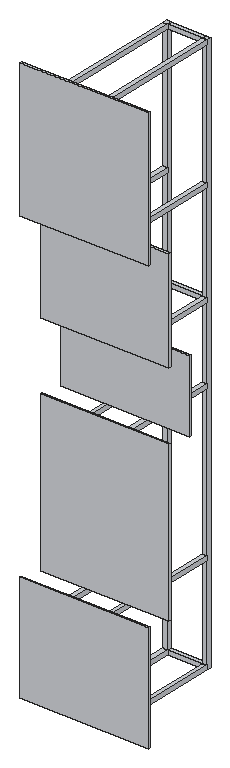
Revit family "Bukva BUKL035C -LivingDivani", category Furniture, Revit 2013
Parameters (values of type "BUKL035C")
  URL = "http://www.livingdivani.it"
  Model = "Bukva"
  Mat. Struttura = Steel, Polished
  Manufacturer = "Living Divani"
  Description = ""
  Codice prodotto = "BUKL035C"
Reference planes (cm)
  plane 1: z = 0
  plane 2 "Centro (Sinistra/Destra)": x = 0
  plane 3 "35": y = 73
  plane 4: z = 28
  plane 5: z = 70
  plane 6 "sx": x = -6
  plane 7 "dx": x = 6
  plane 8 "21": y = 87
  plane 9: y = 108
  plane 10: z = 91
  plane 11: z = 119
  plane 12: z = 154
  plane 13: y = 80
Forms (cm)
  Extrusion 1, solid, material "Linen, White", not visible
    sketch origin (0, 0, 0) x (1, 0, 0) y (0, 0, 1)
      loop
        line (-85, 18) -> (-85, 29.1823)
        arc (-85, 29.1823) -> (-80.169, 48.2596) -> (-84.4597, 67.4656) r 42.4528
        arc (-84.4597, 67.4656) -> (-85.5057, 68.8949) -> (-86.9843, 69.8699) r 5
        arc (-86.9843, 69.8699) -> (-93.3299, 70.9774) -> (-99.4999, 69.1268) r 14.0026
        arc (-99.4999, 69.1268) -> (-99.866, 68.7608) -> (-100, 68.2607) r 1
        line (-100, 68.2607) -> (-100, 18) -> (-85, 18)
    from -55 to 28.969
  Extrusion 2, void, not visible
    sketch origin (0, 0, 0) x (1, 0, 0) y (0, 1, 0)
      loop
        line (-78.5519, 33.5519) -> (-78.5519, 56.4969) -> (-100, 56.4969) -> (-100, 55) -> (-78.5519, 33.5519)
    from 0 to 88.2421
  Extrusion 3, solid, material "Linen, White", not visible
    sketch origin (0, 0, 0) x (-1, 0, 0) y (0, 0, -1)
      loop
        line (-85, -18) -> (-100, -18) -> (-100, -68.2607)
        arc (-100, -68.2607) -> (-99.866, -68.7608) -> (-99.4999, -69.1268) r 1
        arc (-99.4999, -69.1268) -> (-93.3299, -70.9774) -> (-86.9843, -69.8699) r 14.0026
        arc (-86.9843, -69.8699) -> (-85.5057, -68.8949) -> (-84.4597, -67.4656) r 5
        arc (-84.4597, -67.4656) -> (-80.169, -48.2596) -> (-85, -29.1823) r 42.4528
        line (-85, -29.1823) -> (-85, -18)
    from -55 to 28.969
  Extrusion 4, void, not visible
    sketch origin (0, 0, 0) x (-1, 0, 0) y (0, -1, 0)
      loop
        line (-78.5519, -33.5519) -> (-100, -55) -> (-100, -56.4969) -> (-78.5519, -56.4969) -> (-78.5519, -33.5519)
    from 0 to 88.2421
  Extrusion 5, solid, material "Steel, Polished" <- "Mat. Struttura", not visible
    sketch origin (-45, 0, 0) x (0, 1, 0) y (0, 0, 1)
      loop
        line (-3.5, 81.1034) -> (-46, 81.1034) -> (-46, 77.1034) -> (-1, 68.1034) -> (-1, 78.6034)
        arc (-1, 78.6034) -> (-1.7322, 80.3712) -> (-3.5, 81.1034) r 2.5
    from 0 to 1
  Extrusion 6, solid, material "Steel, Polished" <- "Mat. Struttura", not visible
    sketch origin (45, 0, 0) x (0, 1, 0) y (0, 0, -1)
      loop
        arc (-3.5, -81.1034) -> (-1.7322, -80.3712) -> (-1, -78.6034) r 2.5
        line (-1, -78.6034) -> (-1, -68.1034) -> (-46, -77.1034) -> (-46, -81.1034) -> (-3.5, -81.1034)
    from 0 to 1
  Extrusion 7, solid, material "Steel, Polished" <- "Mat. Struttura", not visible
    sketch origin (0, 0, 0) x (0, 1, 0) y (0, 0, 1)
      loop
        line (-1, 68.1034) -> (-1, 78.6034)
        arc (-1, 78.6034) -> (-1.7322, 80.3712) -> (-3.5, 81.1034) r 2.5
        line (-3.5, 81.1034) -> (-46, 81.1034) -> (-46, 77.1034) -> (-45.5, 77.0034) -> (-45.5, 80.6034) -> (-3.5, 80.6034)
        arc (-3.5, 80.6034) -> (-2.0858, 80.0176) -> (-1.5, 78.6034) r 2
        line (-1.5, 78.6034) -> (-1.5, 68.2034) -> (-1, 68.1034)
    from -44 to 44
  Extrusion 8, solid, material "Steel, Polished" <- "Mat. Struttura", not visible
    sketch origin (0, 78.6034, 81.6034) x (0, 0, 1) y (0, -1, 0)
      loop
        line (-13.4, 80.1034) -> (-12.9, 80.1034) -> (-8.9777, 99.715) -> (-9.4777, 99.715) -> (-13.4, 80.1034)
    from -44 to 44
  Extrusion 9, solid, material "Steel, Polished" <- "Mat. Struttura", not visible
    sketch origin (0, 78.6034, 84.6034) x (0, 0, 1) y (0, -1, 0)
      loop
        line (-13.4, 80.1034) -> (-12.9, 80.1034) -> (-7.8875, 105.1661) -> (-8.3875, 105.1661) -> (-13.4, 80.1034)
    from -44 to 44
  Extrusion 10, solid, material "Steel, Polished" <- "Mat. Struttura", not visible
    sketch origin (-45, 0, 0) x (0, 1, 0) y (0, 0, 1)
      loop
        line (-3.5, 81.1034) -> (-46, 81.1034) -> (-46, 77.1034) -> (-1, 68.1034) -> (-1, 78.6034)
        arc (-1, 78.6034) -> (-1.7322, 80.3712) -> (-3.5, 81.1034) r 2.5
    from 0 to 1
  Extrusion 11, solid, material "Steel, Polished" <- "Mat. Struttura", not visible
    sketch origin (45, 0, 0) x (0, 1, 0) y (0, 0, -1)
      loop
        arc (-3.5, -81.1034) -> (-1.7322, -80.3712) -> (-1, -78.6034) r 2.5
        line (-1, -78.6034) -> (-1, -68.1034) -> (-46, -77.1034) -> (-46, -81.1034) -> (-3.5, -81.1034)
    from 0 to 1
  Extrusion 12, solid, material "Steel, Polished" <- "Mat. Struttura", not visible
    sketch origin (0, 0, 0) x (0, 1, 0) y (0, 0, 1)
      loop
        line (-1, 68.1034) -> (-1, 78.6034)
        arc (-1, 78.6034) -> (-1.7322, 80.3712) -> (-3.5, 81.1034) r 2.5
        line (-3.5, 81.1034) -> (-46, 81.1034) -> (-46, 77.1034) -> (-45.5, 77.0034) -> (-45.5, 80.6034) -> (-3.5, 80.6034)
        arc (-3.5, 80.6034) -> (-2.0858, 80.0176) -> (-1.5, 78.6034) r 2
        line (-1.5, 78.6034) -> (-1.5, 68.2034) -> (-1, 68.1034)
    from -44 to 44
  Extrusion 13, solid, material "Steel, Polished" <- "Mat. Struttura", not visible
    sketch origin (0, 78.6034, 81.6034) x (0, 0, 1) y (0, -1, 0)
      loop
        line (-13.4, 80.1034) -> (-12.9, 80.1034) -> (-8.9777, 99.715) -> (-9.4777, 99.715) -> (-13.4, 80.1034)
    from -44 to 44
  Extrusion 14, solid, material "Steel, Polished" <- "Mat. Struttura", not visible
    sketch origin (0, 78.6034, 84.6034) x (0, 0, 1) y (0, -1, 0)
      loop
        line (-13.4, 80.1034) -> (-12.9, 80.1034) -> (-7.8875, 105.1661) -> (-8.3875, 105.1661) -> (-13.4, 80.1034)
    from -44 to 44
  Extrusion 15, solid
    sketch origin (0, 0, 0) x (1, 0, 0) y (0, 1, 0)
      loop
        line (-6, 108) -> (-6, 106.8) -> (-4.8, 106.8) -> (-4.8, 108) -> (-6, 108)
      loop
        line (6, 108) -> (4.8, 108) -> (4.8, 106.8) -> (6, 106.8) -> (6, 108)
    from 0 to 154
  Extrusion 16, solid
    sketch origin (-6, 0, 0) x (0, 1, 0) y (0, 0, 1)
      loop
        line (106.8, 154) -> (73, 154) -> (73, 152.8) -> (106.8, 152.8) -> (106.8, 154)
    from 0 to 1.2
  Extrusion 17, solid
    sketch origin (-6, 0, -35) x (0, 1, 0) y (0, 0, 1)
      loop
        line (106.8, 154) -> (73, 154) -> (73, 152.8) -> (106.8, 152.8) -> (106.8, 154)
    from 0 to 1.2
  Extrusion 18, solid
    sketch origin (-6, 0, -84) x (0, 1, 0) y (0, 0, 1)
      loop
        line (106.8, 154) -> (80, 154) -> (80, 152.8) -> (106.8, 152.8) -> (106.8, 154)
    from 0 to 1.2
  Extrusion 19, solid
    sketch origin (6, 0, 0) x (0, 1, 0) y (0, 0, -1)
      loop
        line (106.8, -154) -> (106.8, -152.8) -> (73, -152.8) -> (73, -154) -> (106.8, -154)
    from 0 to 1.2
  Extrusion 20, solid
    sketch origin (6, 0, -35) x (0, 1, 0) y (0, 0, -1)
      loop
        line (106.8, -154) -> (106.8, -152.8) -> (73, -152.8) -> (73, -154) -> (106.8, -154)
    from 0 to 1.2
  Extrusion 21, solid
    sketch origin (6, 0, -63) x (0, 1, 0) y (0, 0, -1)
      loop
        line (106.8, -154) -> (106.8, -152.8) -> (80, -152.8) -> (80, -154) -> (106.8, -154)
    from 0 to 1.2
  Extrusion 22, solid
    sketch origin (6, 0, -84) x (0, 1, 0) y (0, 0, -1)
      loop
        line (106.8, -154) -> (106.8, -152.8) -> (80, -152.8) -> (80, -154) -> (106.8, -154)
    from 0 to 1.2
  Extrusion 23, solid
    sketch origin (6, 0, -152.8) x (0, 1, 0) y (0, 0, -1)
      loop
        line (106.8, -154) -> (106.8, -152.8) -> (73, -152.8) -> (73, -154) -> (106.8, -154)
    from 0 to 1.2
  Extrusion 24, solid
    sketch origin (0, 0, 0) x (1, 0, 0) y (0, 1, 0)
      loop
        line (-4.8, 108) -> (-4.8, 106.8) -> (4.8, 106.8) -> (4.8, 108) -> (-4.8, 108)
    from 0 to 1.2
  Extrusion 25, solid
    sketch origin (0, 0, 152.8) x (1, 0, 0) y (0, 1, 0)
      loop
        line (-4.8, 108) -> (-4.8, 106.8) -> (4.8, 106.8) -> (4.8, 108) -> (-4.8, 108)
    from 0 to 1.2
  Extrusion 26, solid
    sketch origin (0, 0, 89.8) x (1, 0, 0) y (0, 1, 0)
      loop
        line (-4.8, 108) -> (-4.8, 106.8) -> (4.8, 106.8) -> (4.8, 108) -> (-4.8, 108)
    from 0 to 1.2
  Extrusion 27, solid
    sketch origin (0, 73, -114.4438) x (0, 0, -1) y (-1, 0, 0)
      loop
        line (-143.9438, 17.5) -> (-143.9438, -17.5) -> (-114.4438, -17.5) -> (-114.4438, 17.5) -> (-143.9438, 17.5)
    from 0 to -0.5
  Extrusion 28, solid
    sketch origin (-6, 0, -152.8) x (0, 1, 0) y (0, 0, 1)
      loop
        line (106.8, 154) -> (73, 154) -> (73, 152.8) -> (106.8, 152.8) -> (106.8, 154)
    from 0 to 1.2
  Extrusion 29, solid
    sketch origin (0, 73, 0) x (0, 0, -1) y (-1, 0, 0)
      loop
        line (-155.2438, 17.5) -> (-155.2438, -17.5) -> (-117.8, -17.5) -> (-117.8, 17.5) -> (-155.2438, 17.5)
    from 0 to -0.5
  Extrusion 30, solid
    sketch origin (0, 80, -37.4438) x (0, 0, -1) y (-1, 0, 0)
      loop
        line (-155.2438, 17.5) -> (-155.2438, -17.5) -> (-127.2438, -17.5) -> (-127.2438, 17.5) -> (-155.2438, 17.5)
    from 0 to -0.5
  Extrusion 31, solid
    sketch origin (0, 87, -65.4438) x (0, 0, -1) y (-1, 0, 0)
      loop
        line (-155.2438, 17.5) -> (-155.2438, -17.5) -> (-135.4438, -17.5) -> (-135.4438, 17.5) -> (-155.2438, 17.5)
    from 0 to -0.5
  Extrusion 32, solid
    sketch origin (0, 80, -86.4438) x (0, 0, -1) y (-1, 0, 0)
      loop
        line (-157.6456, 17.5) -> (-157.6456, -17.5) -> (-114.4438, -17.5) -> (-114.4438, 17.5) -> (-157.6456, 17.5)
    from 0 to -0.5
  Extrusion 33, solid
    sketch origin (-6, 0, -63) x (0, 1, 0) y (0, 0, 1)
      loop
        line (106.8, 154) -> (80, 154) -> (80, 152.8) -> (106.8, 152.8) -> (106.8, 154)
    from 0 to 1.2
  Extrusion 34, solid
    sketch origin (-6, 0, -126) x (0, 1, 0) y (0, 0, 1)
      loop
        line (106.8, 154) -> (73, 154) -> (73, 152.8) -> (106.8, 152.8) -> (106.8, 154)
    from 0 to 1.2
  Extrusion 35, solid
    sketch origin (6, 0, -126) x (0, 1, 0) y (0, 0, -1)
      loop
        line (106.8, -154) -> (106.8, -152.8) -> (73, -152.8) -> (73, -154) -> (106.8, -154)
    from 0 to 1.2
Lines and regions (cm)
  model lines, not visible
    curve 1: arc (142.5, 40, 40.4063) -> (142.5, -7.7258, 44.8408) -> (142.5, -55.6482, 43.9108) r 427.9768
    curve 2: arc (142.5, -55.6482, 43.9108) -> (142.5, -56.9941, 43.3917) -> (142.5, -57.8292, 42.2153) r 2.5
    curve 3: arc (142.5, -57.8292, 42.2153) -> (142.5, -58.6593, 36.9132) -> (142.5, -57.6808, 31.6365) r 15.9229
    curve 4: arc (142.5, -57.6808, 31.6365) -> (142.5, -56.765, 30.4495) -> (142.5, -55.3347, 30) r 2.5
    curve 5: line (350.8333, 40.8327, 61.8833) -> (350.8333, 44.8452, 76.858)
    curve 6: arc (350.8333, 19.2897, 45.6161) -> (350.8333, 23.0144, 61.3242) -> (350.8333, 28.8022, 76.3947) r 120.6881
    curve 7: line (350.8333, 42.4245, 80.0128) -> (350.8333, 34.5369, 80.0128)
    curve 8: arc (350.8333, 42.4245, 80.0128) -> (350.8333, 44.4127, 79.0323) -> (350.8333, 44.8452, 76.858) r 2.5061
    curve 9: arc (350.8333, 34.5369, 80.0128) -> (350.8333, 31.1465, 79.0327) -> (350.8333, 28.8022, 76.3947) r 6.3538
    curve 10: arc (350.8333, 21.3758, 42.8725) -> (350.8333, 19.7398, 43.7934) -> (350.8333, 19.2897, 45.6161) r 2.3659
    curve 11: arc (457.5, -41.1808, 29.528) -> (457.5, -40.2346, 28.4157) -> (457.5, -38.8347, 28) r 2.5652
    curve 12: arc (457.5, -41.3292, 42.2606) -> (457.5, -42.5488, 35.8792) -> (457.5, -41.1808, 29.528) r 16.3119
    curve 13: arc (457.5, -39.1482, 43.8503) -> (457.5, -40.4656, 43.3667) -> (457.5, -41.3292, 42.2606) r 2.5564
    curve 14: arc (457.5, 34.91, 41.2077) -> (457.5, -2.0467, 44.5571) -> (457.5, -39.1482, 43.8503) r 339.2674
    curve 15: arc (643.4167, 44.0083, 75.2794) -> (643.4167, 37.8383, 77.13) -> (643.4167, 31.4927, 76.0225) r 14.0026
    curve 16: arc (643.4167, 31.4927, 76.0225) -> (643.4167, 30.0141, 75.0475) -> (643.4167, 28.9681, 73.6182) r 5
    curve 17: arc (643.4167, 44.5084, 74.4133) -> (643.4167, 44.3744, 74.9134) -> (643.4167, 44.0083, 75.2794) r 1
    curve 18: line (643.4167, 44.5084, 24.1526) -> (643.4167, 44.5084, 74.4133)
    curve 19: arc (15, 39.4597, 67.4656) -> (15, 35.169, 48.2596) -> (15, 40, 29.1823) r 42.4528
    curve 20: arc (15, 41.9843, 69.8699) -> (15, 40.5057, 68.8949) -> (15, 39.4597, 67.4656) r 5
    curve 21: line (15, 55, 18) -> (15, 55, 68.2607)
    curve 22: arc (15, 55, 68.2607) -> (15, 54.866, 68.7608) -> (15, 54.4999, 69.1268) r 1
    curve 23: arc (15, 54.4999, 69.1268) -> (15, 48.3299, 70.9774) -> (15, 41.9843, 69.8699) r 14.0026
    curve 24: arc (0, -28.969, 37.1636) -> (0, -30.2309, 36.4485) -> (0, -30.8835, 35.1531) r 2.5
    curve 25: arc (0, 39.8911, 33.442) -> (0, 5.6044, 37.9554) -> (0, -28.969, 37.1636) r 225.0994
    curve 26: arc (0, -30.8835, 35.1531) -> (0, -31.5326, 27.5955) -> (0, -30.8835, 20.0379) r 44.3218
    curve 27: arc (0, -30.8835, 35.1531) -> (0, -31.5326, 27.5955) -> (0, -30.8835, 20.0379) r 44.3218
    curve 28: arc (91.6667, 39.8911, 38.442) -> (91.6667, 5.6044, 42.9554) -> (91.6667, -28.969, 42.1636) r 225.0994
    curve 29: arc (91.6667, -28.969, 42.1636) -> (91.6667, -30.2309, 41.4485) -> (91.6667, -30.8835, 40.1531) r 2.5
    curve 30: arc (91.6667, -30.8835, 40.1531) -> (91.6667, -31.5326, 32.5955) -> (91.6667, -30.8835, 25.0379) r 44.3218
    curve 31: arc (91.6667, -30.8835, 25.0379) -> (91.6667, -30.0394, 23.5895) -> (91.6667, -28.4701, 23) r 2.5
    curve 32: arc (643.4167, 29.3984, 39.5948) -> (643.4167, 25.1951, 57.0411) -> (643.4167, 29.3984, 74.4873) r 38.3075
    curve 33: arc (0, 54.4376, 69.1638) -> (0, 48.2677, 71.0144) -> (0, 41.9221, 69.9069) r 14.0026
    curve 34: arc (0, 41.9221, 69.9069) -> (0, 40.4434, 68.9319) -> (0, 39.3974, 67.5026) r 5
    curve 35: arc (0, 54.9377, 68.2977) -> (0, 54.8037, 68.7978) -> (0, 54.4376, 69.1638) r 1
    curve 36: line (0, 54.9377, 18.037) -> (0, 54.9377, 68.2977)
    curve 37: arc (0, 39.89, 33.4422) -> (0, 35.6867, 50.8419) -> (0, 39.8477, 68.2517) r 38.3075
    curve 53: arc (-31, -75.9326, 42.2836) -> (-31, -78.0974, 41.4294) -> (-31, -79, 39.2844) r 3
    curve 54: line (-31, 20.5225, 40.5213) -> (-31, -75.9326, 42.2836)
    curve 55: line (-31, -79, 39.2844) -> (-31, -79, 31)
    curve 56: arc (-31, -79, 31) -> (-31, -78.1213, 28.8787) -> (-31, -76, 28) r 3
    curve 57: line (31, 20.5225, 40.5213) -> (31, -75.9326, 42.2836)
    curve 58: arc (31, -75.9326, 42.2836) -> (31, -78.0974, 41.4294) -> (31, -79, 39.2844) r 3
    curve 59: line (31, -79, 39.2844) -> (31, -79, 31)
    curve 60: arc (31, -79, 31) -> (31, -78.1213, 28.8787) -> (31, -76, 28) r 3
    curve 61: line (0, 20.5225, 40.5213) -> (0, -75.9326, 42.2836)
    curve 62: arc (0, -75.9326, 42.2836) -> (0, -78.0974, 41.4294) -> (0, -79, 39.2844) r 3
    curve 63: line (0, -79, 39.2844) -> (0, -79, 31)
    curve 64: arc (-31, 41, 69) -> (-31, 40.4142, 70.4142) -> (-31, 39, 71) r 2
    curve 65: arc (-31, 21.5, 39.994) -> (-31, 23.8297, 56.2597) -> (-31, 33.3493, 69.6529) r 34.8726
    curve 66: arc (-31, 33.3493, 69.6529) -> (-31, 35.0306, 70.6522) -> (-31, 36.9554, 71) r 5.5
    curve 67: arc (31, 21.5, 39.994) -> (31, 23.8297, 56.2597) -> (31, 33.3493, 69.6529) r 34.8726
    curve 68: arc (31, 33.3493, 69.6529) -> (31, 35.0306, 70.6522) -> (31, 36.9554, 71) r 5.5
    curve 69: arc (31, 39, 71) -> (31, 40.4142, 70.4142) -> (31, 41, 69) r 2
    curve 70: arc (0, 21.5, 39.994) -> (0, 23.8297, 56.2597) -> (0, 33.3493, 69.6529) r 34.8726
    curve 71: arc (0, 33.3493, 69.6529) -> (0, 35.0306, 70.6522) -> (0, 36.9554, 71) r 5.5
    curve 72: arc (0, 39, 71) -> (0, 40.4142, 70.4142) -> (0, 41, 69) r 2
  model lines, not visible, detail levels medium+fine
    curve 38: arc (-30.8, -9.9076, 41.7805) -> (-27.9845, -12.5677, 41.7805) -> (-24.2491, -13.5924, 41.7805) r 7.9959
    curve 39: arc (-24.2491, -6.2228, 41.7805) -> (-27.9845, -7.2475, 41.7805) -> (-30.8, -9.9076, 41.7805) r 7.9959
    curve 40: arc (-30.8, -9.9076, 41.7805) -> (-33.6155, -7.2475, 41.7805) -> (-37.3509, -6.2228, 41.7805) r 7.9959
    curve 41: arc (-37.3509, -13.5924, 41.7805) -> (-33.6155, -12.5677, 41.7805) -> (-30.8, -9.9076, 41.7805) r 7.9959
    curve 42: line (-31.6, -9.9076, 41.7805) -> (-30, -9.9076, 41.7805)
    curve 43: arc (-16, -25.4076, 41.7805) -> (-13.1845, -28.0677, 41.7805) -> (-9.4491, -29.0924, 41.7805) r 7.9959
    curve 44: arc (-9.4491, -21.7228, 41.7805) -> (-13.1845, -22.7475, 41.7805) -> (-16, -25.4076, 41.7805) r 7.9959
    curve 45: arc (-16, -25.4076, 41.7805) -> (-18.8155, -22.7475, 41.7805) -> (-22.5509, -21.7228, 41.7805) r 7.9959
    curve 46: arc (-22.5509, -29.0924, 41.7805) -> (-18.8155, -28.0677, 41.7805) -> (-16, -25.4076, 41.7805) r 7.9959
    curve 47: line (-16.8, -25.4076, 41.7805) -> (-15.2, -25.4076, 41.7805)
    curve 48: arc (-16, 5.5924, 41.7805) -> (-13.1845, 2.9323, 41.7805) -> (-9.4491, 1.9076, 41.7805) r 7.9959
    curve 49: arc (-9.4491, 9.2772, 41.7805) -> (-13.1845, 8.2525, 41.7805) -> (-16, 5.5924, 41.7805) r 7.9959
    curve 50: arc (-16, 5.5924, 41.7805) -> (-18.8155, 8.2525, 41.7805) -> (-22.5509, 9.2772, 41.7805) r 7.9959
    curve 51: arc (-22.5509, 1.9076, 41.7805) -> (-18.8155, 2.9323, 41.7805) -> (-16, 5.5924, 41.7805) r 7.9959
    curve 52: line (-16.8, 5.5924, 41.7805) -> (-15.2, 5.5924, 41.7805)
    curve 73: arc (-30.8, -45.4076, 41.7805) -> (-27.9845, -48.0677, 41.7805) -> (-24.2491, -49.0924, 41.7805) r 7.9959
    curve 74: arc (-24.2491, -41.7228, 41.7805) -> (-27.9845, -42.7475, 41.7805) -> (-30.8, -45.4076, 41.7805) r 7.9959
    curve 75: arc (-30.8, -45.4076, 41.7805) -> (-33.6155, -42.7475, 41.7805) -> (-37.3509, -41.7228, 41.7805) r 7.9959
    curve 76: arc (-37.3509, -49.0924, 41.7805) -> (-33.6155, -48.0677, 41.7805) -> (-30.8, -45.4076, 41.7805) r 7.9959
    curve 77: line (-31.6, -45.4076, 41.7805) -> (-30, -45.4076, 41.7805)
    curve 78: arc (-16, -60.9076, 41.7805) -> (-13.1845, -63.5677, 41.7805) -> (-9.4491, -64.5924, 41.7805) r 7.9959
    curve 79: arc (-9.4491, -57.2228, 41.7805) -> (-13.1845, -58.2475, 41.7805) -> (-16, -60.9076, 41.7805) r 7.9959
    curve 80: arc (-16, -60.9076, 41.7805) -> (-18.8155, -58.2475, 41.7805) -> (-22.5509, -57.2228, 41.7805) r 7.9959
    curve 81: arc (-22.5509, -64.5924, 41.7805) -> (-18.8155, -63.5677, 41.7805) -> (-16, -60.9076, 41.7805) r 7.9959
    curve 82: line (-16.8, -60.9076, 41.7805) -> (-15.2, -60.9076, 41.7805)
  model lines, style "elemento", not visible, detail levels medium+fine
    curve 83: arc (-28.6536, -18.7333, 27.5) -> (-29.3433, -17.6727, 27.5) -> (-30.2945, -16.8387, 27.5) r 4.6251
    curve 84: arc (-28.6536, -19.4404, 27.5) -> (-29.7271, -20.114, 27.5) -> (-30.5624, -21.0671, 27.5) r 4.3726
    curve 85: arc (-26.3055, -16.8387, 27.5) -> (-27.2567, -17.6727, 27.5) -> (-27.9464, -18.7333, 27.5) r 4.6251
    curve 86: arc (-26.0376, -21.0671, 27.5) -> (-26.8729, -20.114, 27.5) -> (-27.9464, -19.4404, 27.5) r 4.3726
    curve 87: arc (-14.5036, -2.7333, 27.5) -> (-15.1933, -1.6727, 27.5) -> (-16.1445, -0.8387, 27.5) r 4.6251
    curve 88: arc (-14.5036, -3.4404, 27.5) -> (-15.5771, -4.114, 27.5) -> (-16.4124, -5.0671, 27.5) r 4.3726
    curve 89: arc (-12.1555, -0.8387, 27.5) -> (-13.1067, -1.6727, 27.5) -> (-13.7964, -2.7333, 27.5) r 4.6251
    curve 90: arc (-11.8876, -5.0671, 27.5) -> (-12.7229, -4.114, 27.5) -> (-13.7964, -3.4404, 27.5) r 4.3726
    curve 91: arc (-16.1445, -37.335, 27.5) -> (-15.1933, -36.501, 27.5) -> (-14.5036, -35.4404, 27.5) r 4.6251
    curve 92: arc (-16.4124, -33.1066, 27.5) -> (-15.5771, -34.0597, 27.5) -> (-14.5036, -34.7333, 27.5) r 4.3726
    curve 93: arc (-13.7964, -35.4404, 27.5) -> (-13.1067, -36.501, 27.5) -> (-12.1555, -37.335, 27.5) r 4.6251
    curve 94: arc (-13.7964, -34.7333, 27.5) -> (-12.7229, -34.0597, 27.5) -> (-11.8876, -33.1066, 27.5) r 4.3726
    curve 95: line (-27.95, -19.0868, 27.5) -> (-28.65, -19.0868, 27.5)
    curve 96: line (-13.8, -3.0868, 27.5) -> (-14.5, -3.0868, 27.5)
    curve 97: line (-13.8, -35.0868, 27.5) -> (-14.5, -35.0868, 27.5)
Dimensions and locks (cm)
  Extrusion 16 sketch curve to Extrusion 16 sketch curve = 1.2 cm
  Extrusion 17 sketch curve to Extrusion 17 sketch curve = 1.2 cm
  Extrusion 18 sketch curve to Extrusion 18 sketch curve = 1.2 cm
  Extrusion 19 sketch curve to Extrusion 19 sketch curve = 1.2 cm
  Extrusion 20 sketch curve to Extrusion 20 sketch curve = 1.2 cm
  Extrusion 21 sketch curve to Extrusion 21 sketch curve = 1.2 cm
  Extrusion 22 sketch curve to Extrusion 22 sketch curve = 1.2 cm
  Extrusion 23 sketch curve to Extrusion 23 sketch curve = 1.2 cm
  locked: plane 9 to plane 13 at 28
  locked: plane 9 to plane 3 "35" at 35
  locked: plane 9 to plane 8 "21" at 21
  Extrusion 28 sketch curve to Extrusion 28 sketch curve = 1.2 cm
  Extrusion 33 sketch curve to Extrusion 33 sketch curve = 1.2 cm
  Extrusion 34 sketch curve to Extrusion 34 sketch curve = 1.2 cm
  Extrusion 35 sketch curve to Extrusion 35 sketch curve = 1.2 cm
  aligned and locked: level to plane 1
  aligned and locked: Extrusion 16 to Extrusion 15
  aligned and locked: Extrusion 15 to Extrusion 17
  aligned and locked: Extrusion 15 to Extrusion 18
